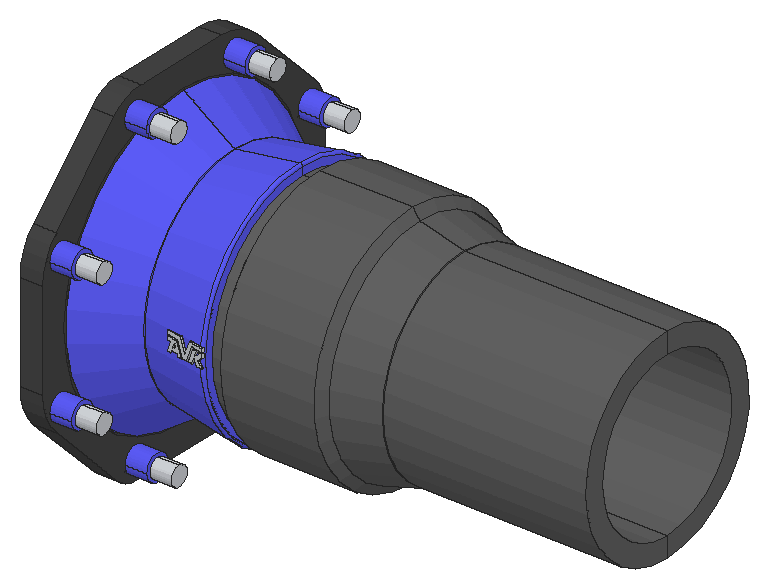
Revit family "635-00-001 DN300", category Pipe Accessories, Revit 2022
Family settings
  Round Connector Dimension = Use Diameter
  Part Type = Valve - Breaks Into
  Work Plane-Based = No
  Always vertical = No
  Cut with Voids When Loaded = No
  Shared = No
Parameters (values of type "DN0300_PN16_OD_315")
  Thickness = OD * 0.2  # 31.50 mm
  SR2 = size_lookup(Search_table, "SR2", 0.00 mm, DN) / 2  # 178.00 mm
  SR1 = size_lookup(Search_table, "SR1", 0.00 mm, DN) / 2  # 157.00 mm
  Ring_dis = size_lookup(Search_table, "Ring_dis", 0.00 mm, DN)  # 400.00 mm
  Ring_dia3 = Ring_dia2 * 1.1  # 183.271 mm
  Ring_dia2 = ((Ring_Dia1 - OD) / 2) + OD  # 166.61 mm
  Ring_Dia1 = Ring_Dia * 0.92  # 175.72 mm
  Ring_Dia = size_lookup(Search_table, "Ring_Dia", 0.00 mm, DN) / 2  # 191.00 mm
  PCD1 = D - (PCD)  # 50.875 mm
  PCD = D1 - 10.00 mm  # 221.625 mm
  OD = size_lookup(Search_table, "OD", 0.00 mm, DN) / 2  # 157.50 mm
  L5 = L4 * 1.25  # 323.40 mm
  L4-L3 = (L4 - L3) * 0.7  # 16.464 mm
  L4 = L3 * 1.1  # 258.72 mm
  L3 = L * 0.3  # 235.20 mm
  L1 = size_lookup(Search_table, "L1", 0.00 mm, DN)  # 315.00 mm
  L = size_lookup(Search_table, "L", 0.00 mm, DN)  # 784.00 mm
  FLange_T1 = Bolt_End_dis * 1.1  # 114.40 mm
  FL_T2 = FL_T / 2  # 35.00 mm
  FL_T = size_lookup(Search_table, "FL_T", 0.00 mm, DN)  # 70.00 mm
  D3 = D * 0.3  # 81.75 mm
  D2 = SR1 * 1.1  # 172.70 mm
  D1 = D * 0.85  # 231.625 mm
  Cap_Radius = size_lookup(Search_table, "Cap_Radius", 0.00 mm, DN)  # 43.20 mm
  Bore = size_lookup(Search_table, "Bore", 0.00 mm, DN)  # 150.00 mm
  Bolt_End_dis = size_lookup(Search_table, "Bolt_End_dis", 0.00 mm, DN)  # 104.00 mm
  4 = 4.00 mm  # constant formula
  DN = 300.00 mm
  Description_ = "AVK SUPA MAXI™ TRANSITION COUPLING, PE100/PN16"
  Default Elevation = 0.00 mm
  DN0300_PN16_OD_315 = "635-356-00-166"
  Search_table = "635-00-001 DN300"
  URL product pages = "https://www.avkvalves.com/P.aspx?no=63507100166"
  D = size_lookup(Search_table, "D", 0.00 mm, DN) / 2  # 272.50 mm
  25 = 40.00 mm  # constant formula
  2 = 2.00 mm  # constant formula
  12 = 11.00 mm  # constant formula
  10 = 10.00 mm  # constant formula
  1 = 1.00 mm  # constant formula
Reference planes
  plane 1 "Center (Front/Back)": y = 0
  plane 2: z = 0
  plane 3 "Center (Left/Right)": x = 0
  plane 4: z = 272.5
  plane 5: z = -272.5
  plane 6: x = -392
  plane 7: x = 392
  plane 8: x = 77
  plane 9: z = 157.5
  plane 10: z = -157.5
  plane 11: x = -277.6
  plane 12: z = 231.625
  plane 13: z = 157
  plane 14: x = -68.6
  plane 15: x = -156.8
  plane 16: x = -288
  plane 17: x = -322
  plane 18: through (0, 0, 0) normal (0, -0.5, 0.866)
  plane 19: through (0, 0, 0) normal (0, -0.5, -0.866)
  plane 20: through (0, 0, 0) normal (0, 0.866, -0.5)
  plane 21: through (0, 0, 0) normal (0, 0.866, 0.5)
  plane 22: z = 191
  plane 23: z = -191
  plane 24: x = 8
  plane 25: y = 272.5
  plane 26: y = -272.5
Forms (mm)
  Revolve 1, solid, material "Plastic"
    sketch origin (0, 0, 0) x (1, 0, 0) y (0, 0, 1)
      loop
        line (77, 157.5) -> (77, 126) -> (392, 126) -> (392, 157.5) -> (77, 157.5)
      axis (77, 0) -> (392, 0)
    angle from 0 to 360
  Revolve 2, solid, material "Poche"
    sketch origin (0, 0, 0) x (1, 0, 0) y (0, 0, 1)
      loop
        line (-388, 227.625) -> (-388, 157) -> (-277.6, 157) -> (-277.6, 175.72) -> (-357, 229.625) -> (-386, 229.625)
        arc (-386, 229.625) -> (-387.414, 229.039) -> (-388, 227.625) r 2
      axis (-277.6, 0) -> (-388, 0)
    angle from 0 to 360
  Revolve 3, solid, material "Aluminum 1100-O"
    sketch origin (0, 0, 0) x (1, 0, 0) y (0, 0, 1)
      loop
        line (-388, 231.625) -> (-392, 231.625) -> (-392, 155) -> (-357, 155) -> (-357, 157) -> (-388, 157) -> (-388, 231.625)
      axis (-392, 0) -> (-357, 0)
    angle from 0 to 360
  Revolve 4, solid, material "Poche"
    sketch origin (0, 0, 0) x (1, 0, 0) y (0, 0, 1)
      loop
        line (-173.264, 157) -> (-173.264, 187)
        arc (-173.264, 187) -> (-174.658, 190.034) -> (-177.868, 190.954) r 4
        line (-177.868, 190.954) -> (-277.6, 175.72) -> (-277.6, 157) -> (-173.264, 157)
      axis (-277.6, 0) -> (-173.264, 0)
    angle from 0 to 360
  Revolve 5, solid, material "Aluminum 1100-O"
    sketch origin (0, 0, 0) x (1, 0, 0) y (0, 0, 1)
      loop
        line (-392, 231.625) -> (-392, 221.625) -> (-357, 221.625) -> (-357, 231.625) -> (-392, 231.625)
      axis (-392, 0) -> (-357, 0)
    angle from 0 to 360
  Extrusion 6, solid, material "Poche"
    sketch origin (0, 0, 0) x (0, 1, 0) y (0, 0, 1)
      loop
        circle (95.694, 239.131) r 20
      loop
        circle (-95.694, 236.943) r 20
      loop
        circle (240.247, 104.694) r 20
      loop
        circle (-240.247, 104.694) r 20
      loop
        circle (240.247, -104.694) r 20
      loop
        circle (-240.247, -104.694) r 20
      loop
        circle (94.572, -240.814) r 20
      loop
        circle (-94.572, -240.814) r 20
    from -382 to -322
  Revolve 7, solid, material "Plastic"
    sketch origin (0, 0, 0) x (1, 0, 0) y (0, 0, 1)
      loop
        line (-173.264, 175.72) -> (-173.264, 153.5) -> (-156.8, 153.5) -> (-156.8, 175.72) -> (-173.264, 175.72)
      axis (-173.264, 0) -> (-156.8, 0)
    angle from 0 to 360
  Revolve 8, solid, material "Plastic"
    sketch origin (0, 0, 0) x (1, 0, 0) y (0, 0, 1)
      loop
        line (-156.8, 175.72) -> (8, 175.72) -> (-2, 191) -> (-146.8, 191) -> (-156.8, 175.72)
      axis (-156.8, 0) -> (8, 0)
    angle from 0 to 360
  Revolve 9, solid, material "Plastic"
    sketch origin (0, 0, 0) x (1, 0, 0) y (0, 0, 1)
      loop
        line (8, 175.72) -> (8, 126) -> (77, 126) -> (77, 157.5) -> (8, 175.72)
      axis (8, 0) -> (77, 0)
    angle from 0 to 360
  Extrusion 10, solid, material "Aluminum 1100-O"
    sketch origin (0, 0, 0) x (0, 1, 0) y (0, 0, 1)
      loop
        line (-134.84, 250.533) -> (-246.14, 139.234)
        arc (-246.14, 139.234) -> (-265.649, 110.035) -> (-272.5, 75.594) r 90
        line (-272.5, 75.594) -> (-272.5, -75.594)
        arc (-272.5, -75.594) -> (-265.649, -110.035) -> (-246.14, -139.234) r 90
        line (-246.14, -139.234) -> (-128.982, -256.391)
        arc (-128.982, -256.391) -> (-111.139, -268.313) -> (-90.091, -272.5) r 55
        line (-90.091, -272.5) -> (88.02, -272.5)
        arc (88.02, -272.5) -> (110.981, -267.933) -> (130.447, -254.926) r 60
        line (130.447, -254.926) -> (249.069, -136.305)
        arc (249.069, -136.305) -> (266.41, -110.351) -> (272.5, -79.736) r 80
        line (272.5, -79.736) -> (272.5, 83.878)
        arc (272.5, 83.878) -> (267.172, 110.666) -> (251.997, 133.376) r 70
        line (251.997, 133.376) -> (140.698, 244.675)
        arc (140.698, 244.675) -> (109.878, 265.269) -> (73.523, 272.5) r 95
        line (73.523, 272.5) -> (-81.807, 272.5)
        arc (-81.807, 272.5) -> (-110.508, 266.791) -> (-134.84, 250.533) r 75
      loop
        circle (0, 0) r 231.625
    from -392 to -357
  Extrusion 11, solid
    sketch origin (-322, -1524, 395.967) x (0, 0, 1) y (0, -1, 0)
      loop
        circle (-156.836, -1619.694) r 15
      loop
        circle (-291.273, -1764.247) r 15
      loop
        circle (-159.722, -1427.986) r 15
      loop
        circle (-291.273, -1283.753) r 15
      loop
        circle (-637.343, -1618.411) r 15
      loop
        circle (-500.66, -1764.247) r 15
      loop
        circle (-636.702, -1428.948) r 15
      loop
        circle (-500.66, -1283.753) r 15
    from 0 to 34
Dimensions and locks
  equal spacing: plane 7, plane 3 "Center (Left/Right)", plane 6
  "L": plane 7 to plane 6
  "L1": plane 7 to plane 8
  equal spacing: plane 4, level, plane 5
  "D": plane 4 to level
  equal spacing: plane 9, level, plane 10
  "OD": plane 9 to level
  "Thickness": plane 9 to Revolve 1 sketch curve
  "SR1": Revolve 2 sketch curve to level
  "FLange_T1": plane 11 to plane 6
  "D1": plane 12 to level
  "SR1": plane 13 to level
  "2": plane 13 to Revolve 3 sketch curve
  "FL_T2": Revolve 3 sketch curve to plane 6
  "4": Revolve 3 sketch curve to plane 6
  "L5": plane 14 to plane 6
  "FLange_T1": Revolve 2 sketch curve to plane 6
  "L3": plane 15 to plane 6
  "Ring_Dia1": Revolve 2 sketch curve to level
  "L4-L3": plane 15 to Revolve 4 sketch curve
  "Ring_Dia1": Revolve 4 sketch curve to level
  "SR1": Revolve 4 sketch curve to level
  "Ring_Dia": Revolve 4 sketch curve to level
  "FL_T2": Revolve 5 sketch curve to plane 6
  "10": plane 12 to Revolve 5 sketch curve
  "2": plane 12 to Revolve 2 sketch curve
  "FL_T2": Revolve 2 sketch curve to plane 6
  "4": Revolve 2 sketch curve to plane 6
  "Bolt_End_dis": plane 16 to plane 6
  "FL_T": plane 17 to plane 6
  "10": Extrusion 6 to plane 6
  plane 7 to plane 6 = 784.00 mm
  plane 4 to plane 5 = 545.00 mm  (x2)
  plane 9 to plane 10 = 315.00 mm  (x2)
  "Ring_Dia1": Revolve 7 sketch curve to level
  "L4-L3": plane 15 to Revolve 7 sketch curve
  equal spacing: plane 22, level, plane 23
  "Ring_Dia": plane 22 to level
  "Ring_Dia1": Revolve 8 sketch curve to level
  "L3": Revolve 8 sketch curve to plane 6
  "Ring_dis": plane 24 to plane 6
  "Ring_dis": Revolve 8 sketch curve to plane 6
  "Ring_Dia": Revolve 8 sketch curve to level
  "10": Revolve 8 sketch curve to plane 15
  "10": plane 24 to Revolve 8 sketch curve
  "4": plane 9 to Revolve 7 sketch curve
  "Thickness": plane 9 to Revolve 9 sketch curve
  "OD": Revolve 9 sketch curve to level
  "Ring_dis": Revolve 9 sketch curve to plane 6
  "Ring_Dia1": Revolve 9 sketch curve to level
  "FL_T2": Extrusion 10 to plane 6
  equal spacing: plane 25, plane 1 "Center (Front/Back)", plane 26
  "D": plane 25 to plane 1 "Center (Front/Back)"
  plane 25 to plane 26 = 545.00 mm
  equal spacing: Extrusion 10 sketch curve, plane 1 "Center (Front/Back)", Extrusion 10 sketch curve  (x2)
  equal spacing: Extrusion 10 sketch curve, level, Extrusion 10 sketch curve  (x2)
  equal spacing: Extrusion 6 sketch curve, plane 1 "Center (Front/Back)", Extrusion 6 sketch curve
  "4": radius of Revolve 4 sketch curve
  "D1": radius of Extrusion 10 sketch curve
  "25": diameter of Extrusion 6 sketch curve  (x4)
  angle plane 18 to level = 30.00°
  angle level to plane 19 = 30.00°
  angle plane 1 "Center (Front/Back)" to plane 20 = 30.00°
  angle plane 21 to plane 1 "Center (Front/Back)" = 30.00°
  angle plane 19 to level = 30.00°
  angle plane 1 "Center (Front/Back)" to plane 21 = 30.00°
  angle plane 20 to plane 1 "Center (Front/Back)" = 30.00°
  angle level to plane 18 = 30.00°
  aligned and locked: level to plane 2
  aligned and locked: plane 8 to Revolve 1 sketch curve
  aligned and locked: Revolve 1 sketch curve to plane 7
  aligned and locked: Revolve 1 sketch curve to level
  aligned and locked: Revolve 1 sketch curve to plane 9
  aligned and locked: Revolve 2 sketch curve to level
  aligned and locked: plane 6 to Revolve 3 sketch curve
  aligned and locked: Revolve 3 sketch curve to level
  aligned and locked: plane 12 to Revolve 3 sketch curve
  aligned and locked: Revolve 3 sketch curve to plane 13
  aligned and locked: Revolve 4 sketch curve to level
  aligned and locked: Revolve 4 sketch curve to plane 11
  aligned and locked: plane 6 to Revolve 5 sketch curve
  aligned and locked: Revolve 5 sketch curve to plane 12
  aligned and locked: Revolve 5 sketch curve to level
  aligned and locked: plane 17 to Extrusion 6
  aligned and locked: Revolve 7 sketch curve to plane 15
  aligned and locked: Revolve 7 sketch curve to level
  aligned and locked: Revolve 8 sketch curve to level
  aligned and locked: Revolve 9 sketch curve to level
  aligned and locked: Extrusion 10 to plane 6
  aligned and locked: plane 25 to Extrusion 10 sketch curve
  aligned and locked: plane 5 to Extrusion 10 sketch curve
  aligned and locked: plane 16 to Extrusion 11
Automatic sketch dimensions
  plane 16 to Revolve 1 sketch curve = 2.744 mm
  Revolve 1 sketch curve to plane 6 = 82.516 mm
  Revolve 2 sketch curve to Revolve 2 sketch curve = 2.00 mm
  Revolve 2 sketch curve to plane 6 = 94.483 mm
  Revolve 2 sketch curve to plane 16 = 4.633 mm
  Revolve 3 sketch curve to plane 6 = 123.036 mm
  Revolve 3 sketch curve to Revolve 3 sketch curve = 60.00 mm
  plane 11 to Revolve 4 sketch curve = 1.418 mm
  Revolve 4 sketch curve to Revolve 4 sketch curve = 18.30 mm
  Revolve 5 sketch curve to plane 6 = 41.125 mm
  Revolve 5 sketch curve to Revolve 5 sketch curve = 55.00 mm
  plane 15 to Revolve 7 sketch curve = 13.122 mm
  Revolve 7 sketch curve to plane 14 = 22.628 mm
  plane 15 to Revolve 8 sketch curve = 11.951 mm
  Revolve 8 sketch curve to plane 14 = 18.799 mm
  Revolve 9 sketch curve to plane 8 = 0.00 mm
  Revolve 9 sketch curve to plane 14 = 15.611 mm
  Revolve 9 sketch curve to Revolve 9 sketch curve = 8.302 mm
  plane 10 to Extrusion 10 sketch curve = 18.266 mm
  Extrusion 10 sketch curve to Extrusion 10 sketch curve = 26.36 mm
  Extrusion 10 sketch curve to plane 9 = 18.266 mm
  Extrusion 10 sketch curve to plane 26 = 26.36 mm
  Extrusion 10 sketch curve to level = 75.594 mm
  level to Extrusion 10 sketch curve = 75.594 mm
  Extrusion 10 sketch curve to plane 4 = 21.967 mm
  plane 5 to Extrusion 10 sketch curve = 16.109 mm
  Extrusion 10 sketch curve to plane 22 = 13.50 mm
  Extrusion 10 sketch curve to plane 1 "Center (Front/Back)" = 73.523 mm
  Extrusion 10 sketch curve to plane 23 = 21.50 mm
  Extrusion 10 sketch curve to plane 1 "Center (Front/Back)" = 88.02 mm
  plane 5 to Extrusion 10 sketch curve = 17.574 mm
  Extrusion 10 sketch curve to plane 4 = 27.825 mm
  plane 10 to Extrusion 10 sketch curve = 77.764 mm
  Extrusion 10 sketch curve to Extrusion 10 sketch curve = 70.00 mm
  Extrusion 6 sketch curve to plane 26 = 32.253 mm  (x2)
  plane 12 to Extrusion 6 sketch curve = 5.318 mm
  plane 1 "Center (Front/Back)" to Extrusion 6 sketch curve = 95.694 mm
  plane 5 to Extrusion 6 sketch curve = 31.686 mm  (x2)
  plane 1 "Center (Front/Back)" to Extrusion 6 sketch curve = 94.572 mm
  Extrusion 6 sketch curve to plane 1 "Center (Front/Back)" = 94.572 mm
  plane 25 to Extrusion 6 sketch curve = 32.253 mm  (x2)
  plane 10 to Extrusion 6 sketch curve = 52.806 mm  (x2)
  Extrusion 6 sketch curve to plane 9 = 52.806 mm  (x2)
  plane 12 to Extrusion 6 sketch curve = 7.506 mm
  plane 5 to Extrusion 11 sketch curve = 31.124 mm
  plane 5 to Extrusion 11 sketch curve = 31.765 mm
  plane 10 to Extrusion 11 sketch curve = 52.806 mm  (x2)
  Extrusion 11 sketch curve to plane 9 = 52.806 mm  (x2)
  plane 12 to Extrusion 11 sketch curve = 4.62 mm
  plane 12 to Extrusion 11 sketch curve = 7.506 mm
  plane 25 to Extrusion 11 sketch curve = 32.253 mm  (x2)
  Extrusion 11 sketch curve to plane 1 "Center (Front/Back)" = 95.694 mm
  Extrusion 11 sketch curve to plane 1 "Center (Front/Back)" = 94.411 mm
  plane 1 "Center (Front/Back)" to Extrusion 11 sketch curve = 95.052 mm
  plane 1 "Center (Front/Back)" to Extrusion 11 sketch curve = 96.014 mm
  Extrusion 11 sketch curve to plane 26 = 32.253 mm  (x2)
  radius of Extrusion 6 sketch curve = 20.00 mm  (x4)
  radius of Extrusion 11 sketch curve = 15.00 mm  (x8)
Nested families
  nested 1: "logo medium-11" at (-203.405, -187.052, -0.63) x (0.9885, -0.151, -0.0005) z (-0.151, -0.9885, -0.0033), type "logo medium-11"
Connectors
  piping at (-392, 0, 0), diameter 300, driven by "DN"
    settings: on Revolve 5, index 1, connector inside diameter 609.6 mm, connector length 0.00 mm, flow factor 0, pipe flow 0.0 L/s, pressure drop 0.0 Pa, fitting loss kfactor 0, connector angle 0.00°, fixture units 0, engagement length 0.00 mm, angle of deflection 0.00°, flow configuration 0, flow direction 0, fitting loss method 0, system type 7, joint type 0, gender type 0, connector reference index -1, connector utility 0, adjustable connector no, is connector primary yes, connector description ""
  piping at (392, 0, 0), diameter 300, driven by "DN"
    settings: on Revolve 1, index 2, connector inside diameter 609.6 mm, connector length 0.00 mm, flow factor 0, pipe flow 0.0 L/s, pressure drop 0.0 Pa, fitting loss kfactor 0, connector angle 0.00°, fixture units 0, engagement length 0.00 mm, angle of deflection 0.00°, flow configuration 0, flow direction 0, fitting loss method 0, system type 7, joint type 0, gender type 0, connector reference index -1, connector utility 0, adjustable connector no, is connector primary no, connector description ""
Definition of nested family "logo medium-11"
  Parameters
    Default Elevation = 1219.20 mm
  Reference planes
    plane 1 "Center (Front/Back)": y = 0
    plane 2: z = 0
    plane 3 "Center (Left/Right)": x = 0
  Forms (mm)
    Extrusion 1, solid
      sketch origin (0, 0, 0) x (1, 0, 0) y (0, 1, 0)
        loop
          line (-1219.2, 1219.2) -> (-1219.2, -1219.2) -> (1219.2, -1219.2) -> (1219.2, 1219.2) -> (-1219.2, 1219.2)
      from 0 to -188.781
    Extrusion 2, solid
      sketch origin (0, 0, 0) x (1, 0, 0) y (0, 1, 0)
        loop
          line (-30.911, 14.607) -> (-12.952, 14.607) -> (-3.438, -8.594) -> (3.26, -8.594) -> (12.676, 14.607) -> (30.732, 14.607) -> (30.732, 20.529) -> (7.968, 20.529) -> (0, 0) -> (-8.195, 20.529) -> (-30.911, 20.529) -> (-30.911, 14.607)
        loop
          line (30.732, 6.453) -> (30.732, 12.569) -> (24.908, 12.569)
          arc (24.908, 12.569) -> (22.993, 7.075) -> (17.724, 4.608) r 7.492
          line (17.724, 4.608) -> (20.928, 12.569) -> (14.521, 12.569) -> (5.881, -8.594) -> (12.434, -8.594) -> (15.777, -0.405) -> (21.354, -8.594) -> (29.424, -8.594) -> (22.319, 0.649)
          arc (22.319, 0.649) -> (26.344, 2.972) -> (29.424, 6.453) r 14.456
          line (29.424, 6.453) -> (30.732, 6.453)
        loop
          line (-5.865, -8.594) -> (-14.796, 12.569) -> (-30.911, 12.569) -> (-30.911, 6.453) -> (-25.086, 6.453) -> (-30.911, -8.594) -> (-25.086, -8.594) -> (-23.728, -5.084) -> (-13.656, -5.084) -> (-12.175, -8.594) -> (-5.865, -8.594)
        loop
          line (-18.776, 7.618) -> (-21.494, 0) -> (-15.961, 0) -> (-18.776, 7.618)
      from 0 to 2
  Dimensions and locks
    aligned and locked: plane 2 to Extrusion 1
    aligned and locked: level to Extrusion 1
    aligned and locked: Extrusion 2 sketch curve to import instance  (x36)
